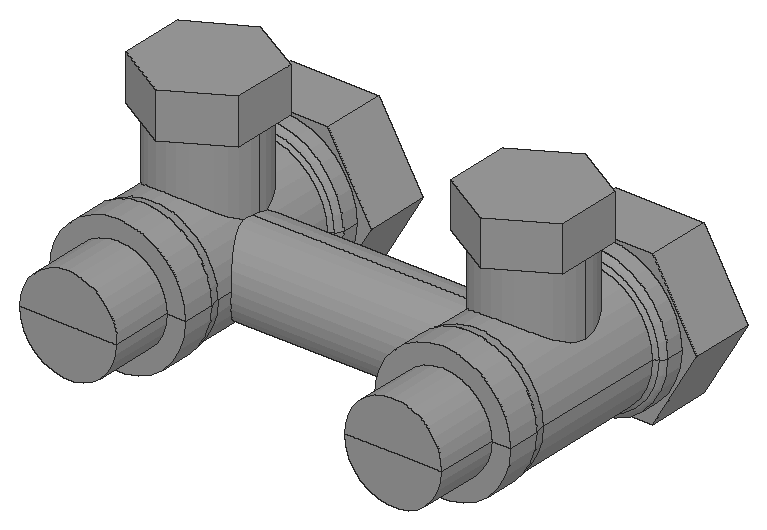
Revit family "BIMLIB_H-образный_клапан_РОСТерм", category Арматура трубопроводов, Revit 2017
Family settings
  Размер круглого соединителя = Использовать диаметр
  Тип детали = Клапан - Вставляется
  На основе рабочей плоскости = Нет
  Всегда вертикально = Нет
  При загрузке вырезать с полостями = Нет
  Общий = Нет
Parameters (values of type "HEIZEN HDD")
  РТ_Перепад давления [instance] = 0.0 Pa
  РТ_Номинальное давление = 10.0 bar  # constant formula
  РТ_L2 = if(and(РТ_DN_1 = 15.00 mm, РТ_DN_2 = 20.00 mm), 25.50 mm, 0.00 mm)  # 25.50 mm
  РТ_L1 = if(and(РТ_DN_1 = 15.00 mm, РТ_DN_2 = 20.00 mm), 25.50 mm, 0.00 mm)  # 25.50 mm
  РТ_L = РТ_L1 + РТ_L2  # 51.00 mm
  РТ_Kvs [instance] = if(and(РТ_DN_1 = 15.00 mm, РТ_DN_2 = 20.00 mm), 1.0 m³/h, 0.0 m³/h)  # 1.0 m³/h
  Метод определения потерь = Не задано
  K Coefficient = 0
  URL = "http://rostherm.ru/"
  Изготовитель = "РОСТерм"  # constant formula
  Model = ""
  Описание = "Клапан Н-образный HDD"
  Assembly Code = ""
  РТ_DN_1 = 15.00 mm  # constant formula
  РТ_DN_2 = 20.00 mm  # constant formula
  BL_Разработано = "support@bimlib.ru"  # constant formula
  BL_Email = "rostherm@bimlib.ru"  # constant formula
  BL_BIM library = "https://bimlib.pro/manufacturer/rosterm/1632/"
  ADSK_Расход жидкости [instance] = 0.0 m³/h
  ADSK_Примечание = ""
  ADSK_Позиция = ""
  ADSK_Обозначение = if(and(РТ_DN_1 = 15.00 mm, РТ_DN_2 = 20.00 mm), "ГОСТ 5761-2005", "-")  # "ГОСТ 5761-2005"
  ADSK_Наименование краткое = if(and(РТ_DN_1 = 15.00 mm, РТ_DN_2 = 20.00 mm), "HDD 345-15", "-")  # "HDD 345-15"
  ADSK_Наименование = if(and(РТ_DN_1 = 15.00 mm, РТ_DN_2 = 20.00 mm), "Н-ОБРАЗНЫЙ КЛАПАН HDD 345-15", "-")  # "Н-ОБРАЗНЫЙ КЛАПАН HDD 345-15"
  ADSK_Материал = BIMLIB_Латунь_РТ
  ADSK_Масса_Текст = ""
  ADSK_Масса = 0
  ADSK_Марка = if(and(РТ_DN_1 = 15.00 mm, РТ_DN_2 = 20.00 mm), "HDD 345-15", "-")  # "HDD 345-15"
  ADSK_Код изделия = if(and(РТ_DN_1 = 15.00 mm, РТ_DN_2 = 20.00 mm), "HDD 345-15", "-")  # "HDD 345-15"
  ADSK_Завод-изготовитель = "Heizen"  # constant formula
  ADSK_Единица измерения = "шт."  # constant formula
  ADSK_Версия Revit = "2017"  # constant formula
  ADSK_URL страницы изделия = "http://rostherm.ru/termostatika/"
  ADSK_URL документации изделия = "http://rostherm.ru/"
Reference planes
  plane 1 "Centro (Fronte/Retro)": y = 0
  plane 2: z = 0
  plane 3 "Centro (Sinistra/Destra)": x = 0
  plane 4: x = -38.902
  plane 5: x = -37.588
  plane 6: x = 11.098
  plane 7: x = 12.412
Forms (mm)
  Revolve 1, solid, material "BIMLIB_Латунь_РТ" <- "ADSK_Материал", detail levels medium+fine
    sketch origin (-2.459, -0.179, 0.136) x (1, 0, 0) y (0, 1, 0)
      loop
        line (-25, -25.321) -> (-25, 17.323) -> (-36.443, 17.323) -> (-36.443, 13.251)
        arc (-36.443, 13.251) -> (-36.112, 12.752) -> (-35.654, 12.367) r 2.092
        arc (-35.654, 12.367) -> (-35.373, 12.084) -> (-35.13, 11.768) r 3.139
        line (-35.13, 11.768) -> (-35.13, -9.232) -> (-35.5, -10.821) -> (-35.5, -15.821) -> (-32.5, -15.821) -> (-32.5, -25.321) -> (-25, -25.321)
      axis (-25, 17.323) -> (-25, -25.321)
    angle from 0 to 360
  Revolve 2, solid, material "BIMLIB_Латунь_РТ" <- "ADSK_Материал", detail levels medium+fine
    sketch origin (47.541, -0.179, 0.136) x (1, 0, 0) y (0, 1, 0)
      loop
        line (-25, -25.321) -> (-25, 17.323) -> (-36.443, 17.323) -> (-36.443, 13.251)
        arc (-36.443, 13.251) -> (-36.112, 12.752) -> (-35.654, 12.367) r 2.092
        arc (-35.654, 12.367) -> (-35.373, 12.084) -> (-35.13, 11.768) r 3.139
        line (-35.13, 11.768) -> (-35.13, -9.232) -> (-35.5, -10.821) -> (-35.5, -15.821) -> (-32.5, -15.821) -> (-32.5, -25.321) -> (-25, -25.321)
      axis (-25, 17.323) -> (-25, -25.321)
    angle from 0 to 360
  Extrusion 3, solid, material "BIMLIB_Латунь_РТ" <- "ADSK_Материал", detail levels medium+fine
    sketch origin (0.041, 1.221, 0.136) x (1, 0, 0) y (0, 1, 0)
      loop
        circle (-27.5, 0) r 8.077
      loop
        circle (22.234, 0.602) r 8.077
    from 0 to 25
  Extrusion 4, solid, material "BIMLIB_Латунь_РТ" <- "ADSK_Материал", detail levels medium+fine
    sketch origin (0.215, -1.179, 0.136) x (1, 0, 0) y (0, 0, -1)
      loop
        line (-34.283, 11.749) -> (-41.067, 0) -> (-34.283, -11.749) -> (-20.717, -11.749) -> (-13.933, 0) -> (-20.717, 11.749) -> (-34.283, 11.749)
      loop
        line (15.717, 11.749) -> (8.933, 0) -> (15.717, -11.749) -> (29.283, -11.749) -> (36.067, 0) -> (29.283, 11.749) -> (15.717, 11.749)
    from 16.823 to 26.679
  Revolve 5, solid, material "BIMLIB_Латунь_РТ" <- "ADSK_Материал", detail levels medium+fine
    sketch origin (0, 0, 0) x (1, 0, 0) y (0, 0, 1)
      loop
        line (-24.959, 0) -> (25.041, 0) -> (25.041, 7) -> (-24.959, 7) -> (-24.959, 0)
      axis (25.041, 0) -> (-24.959, 0)
    angle from 0 to 360
  Extrusion 6, solid, material "BIMLIB_Латунь_РТ" <- "ADSK_Материал", detail levels medium+fine
    sketch origin (-2.5, 1.4, 0) x (1, 0, 0) y (0, 1, 0)
      loop
        line (-25, 10) -> (-33.66, 5) -> (-33.66, -5) -> (-25, -10) -> (-16.34, -5) -> (-16.34, 5) -> (-25, 10)
    from 18.178 to 25.136
  Extrusion 7, solid, material "BIMLIB_Латунь_РТ" <- "ADSK_Материал", detail levels medium+fine
    sketch origin (47.5, 1.4, 0) x (1, 0, 0) y (0, 1, 0)
      loop
        line (-25, 10) -> (-33.66, 5) -> (-33.66, -5) -> (-25, -10) -> (-16.34, -5) -> (-16.34, 5) -> (-25, 10)
    from 18.178 to 25.136
Cuts and joins
  joined: Revolve 1, Revolve 2, Extrusion 3, Extrusion 4, Revolve 5, Extrusion 6, Extrusion 7
Dimensions and locks
  "РТ_L2": plane 1 "Centro (Fronte/Retro)" to Extrusion 4
  aligned and locked: level to plane 2
  aligned and locked: plane 4 to Revolve 1 sketch curve
  aligned and locked: plane 5 to Revolve 1 sketch curve
  aligned and locked: plane 6 to Revolve 2 sketch curve
  aligned and locked: plane 7 to Revolve 2 sketch curve
  aligned and locked: Revolve 5 sketch curve to level
  aligned and locked: plane 2 to Revolve 5 sketch curve
  aligned and locked: Extrusion 3 to Extrusion 6
Automatic sketch dimensions
  Extrusion 3 sketch curve to plane 1 "Centro (Fronte/Retro)" = 1.221 mm
  Extrusion 3 sketch curve to plane 3 "Centro (Sinistra/Destra)" = 27.459 mm
  Extrusion 3 sketch curve to plane 1 "Centro (Fronte/Retro)" = 1.822 mm
  plane 3 "Centro (Sinistra/Destra)" to Extrusion 3 sketch curve = 22.275 mm
  level to Extrusion 4 sketch curve = 0.136 mm  (x4)
  Extrusion 4 sketch curve to plane 3 "Centro (Sinistra/Destra)" = 40.852 mm
  Extrusion 4 sketch curve to level = 11.613 mm  (x2)
  Extrusion 4 sketch curve to Extrusion 4 sketch curve = 6.783 mm  (x5)
  level to Extrusion 4 sketch curve = 11.885 mm  (x2)
  Extrusion 4 sketch curve to Extrusion 4 sketch curve = 13.567 mm  (x4)
  Extrusion 4 sketch curve to plane 3 "Centro (Sinistra/Destra)" = 13.719 mm
  plane 3 "Centro (Sinistra/Destra)" to Extrusion 4 sketch curve = 9.148 mm
  Revolve 5 sketch curve to plane 3 "Centro (Sinistra/Destra)" = 24.959 mm
  plane 3 "Centro (Sinistra/Destra)" to Revolve 5 sketch curve = 25.041 mm
  Revolve 5 sketch curve to Revolve 5 sketch curve = 7.00 mm
  Revolve 5 sketch curve to Revolve 5 sketch curve = 5.481 mm
  Revolve 5 sketch curve to Revolve 5 sketch curve = 5.738 mm
  Extrusion 6 sketch curve to plane 1 "Centro (Fronte/Retro)" = 6.40 mm  (x2)
  Extrusion 6 sketch curve to plane 3 "Centro (Sinistra/Destra)" = 36.16 mm
  Extrusion 6 sketch curve to plane 1 "Centro (Fronte/Retro)" = 11.40 mm
  Extrusion 6 sketch curve to Extrusion 6 sketch curve = 8.66 mm  (x3)
  plane 1 "Centro (Fronte/Retro)" to Extrusion 6 sketch curve = 8.60 mm
  plane 1 "Centro (Fronte/Retro)" to Extrusion 6 sketch curve = 3.60 mm  (x2)
  Extrusion 7 sketch curve to plane 1 "Centro (Fronte/Retro)" = 6.40 mm  (x2)
  plane 3 "Centro (Sinistra/Destra)" to Extrusion 7 sketch curve = 13.84 mm
  Extrusion 7 sketch curve to plane 1 "Centro (Fronte/Retro)" = 11.40 mm
  Extrusion 7 sketch curve to Extrusion 7 sketch curve = 8.66 mm  (x3)
  plane 1 "Centro (Fronte/Retro)" to Extrusion 7 sketch curve = 8.60 mm
  plane 1 "Centro (Fronte/Retro)" to Extrusion 7 sketch curve = 3.60 mm  (x2)
  Revolve 2 sketch curve to plane 6 = 1.293 mm
  Revolve 2 sketch curve to plane 7 = 0.37 mm
  plane 7 to Revolve 2 sketch curve = 0.578 mm
  plane 7 to Revolve 2 sketch curve = 2.63 mm
  Revolve 2 sketch curve to Revolve 2 sketch curve = 9.552 mm
  Revolve 2 sketch curve to plane 1 "Centro (Fronte/Retro)" = 9.839 mm
  Revolve 2 sketch curve to Revolve 2 sketch curve = 1.749 mm
  Revolve 2 sketch curve to Revolve 2 sketch curve = 1.484 mm
  Revolve 2 sketch curve to Revolve 2 sketch curve = 0.894 mm
  Revolve 2 sketch curve to Revolve 2 sketch curve = 0.00 mm
  Revolve 2 sketch curve to Revolve 2 sketch curve = 1.588 mm
  Revolve 1 sketch curve to plane 4 = 1.293 mm
  Revolve 1 sketch curve to plane 5 = 0.37 mm
  plane 5 to Revolve 1 sketch curve = 0.578 mm
  plane 5 to Revolve 1 sketch curve = 2.63 mm
  Revolve 1 sketch curve to Revolve 1 sketch curve = 9.552 mm
  Revolve 1 sketch curve to plane 1 "Centro (Fronte/Retro)" = 9.839 mm
  Revolve 1 sketch curve to Revolve 1 sketch curve = 1.749 mm
  Revolve 1 sketch curve to Revolve 1 sketch curve = 1.484 mm
  Revolve 1 sketch curve to Revolve 1 sketch curve = 0.894 mm
  Revolve 1 sketch curve to Revolve 1 sketch curve = 0.00 mm
  Revolve 1 sketch curve to Revolve 1 sketch curve = 5.00 mm
  Revolve 1 sketch curve to Revolve 1 sketch curve = 1.588 mm
  Revolve 2 sketch curve to Revolve 2 sketch curve = 5.00 mm
  plane 1 "Centro (Fronte/Retro)" to Revolve 1 sketch curve = 9.412 mm
  Revolve 1 sketch curve to Revolve 1 sketch curve = 9.50 mm
  Revolve 1 sketch curve to Revolve 1 sketch curve = 3.423 mm
  plane 1 "Centro (Fronte/Retro)" to Revolve 2 sketch curve = 9.412 mm
  Revolve 2 sketch curve to Revolve 2 sketch curve = 9.50 mm
  Revolve 2 sketch curve to Revolve 2 sketch curve = 3.423 mm
  Revolve 1 sketch curve to Revolve 1 sketch curve = 3.178 mm
  Revolve 1 sketch curve to Revolve 1 sketch curve = 6.538 mm
  Revolve 2 sketch curve to Revolve 2 sketch curve = 3.178 mm
  Revolve 2 sketch curve to Revolve 2 sketch curve = 6.538 mm
  radius of Extrusion 3 sketch curve = 8.077 mm  (x2)
Nested families
  nested 1: "УГО_Фронт" at (27.5, 0, 0.136) x (0, -1, 0) z (0, 0, 1), Длина <- "РТ_L", type "УГО_Фронт", detail levels coarse
    with Длина 51.00 mm
  nested 2: "УГО_Фронт" at (-27.283, 0, 0.136) x (0, -1, 0) z (0, 0, 1), Длина <- "РТ_L", type "УГО_Фронт", detail levels coarse
    with Длина 51.00 mm
  nested 3: "УГО" at (27.656, 0, 0) x (0, -1, 0) z (0, 0, 1), Длина <- "РТ_L", type "УГО", detail levels coarse
    with Длина 51.00 mm
  nested 4: "УГО" at (-27.305, 0, 0) x (0, -1, 0) z (0, 0, 1), Длина <- "РТ_L", type "УГО", detail levels coarse
    with Длина 51.00 mm
Connectors
  piping at (22.715, 25.5, 0.136), diameter 20, driven by "ADSK_Расход жидкости", driven by "РТ_DN_2"
    settings: on Extrusion 4, index 1, connector inside diameter 609.6 mm, connector length 0.00 mm, flow factor 0, pipe flow 0.0 m³/h, pressure drop 0.0 Pa, fitting loss kfactor 0, connector angle 0.00°, fixture units 0, engagement length 0.00 mm, angle of deflection 0.00°, flow configuration 0, flow direction 2, fitting loss method 0, system type 29, joint type 0, gender type 0, connector reference index 4, connector utility 0, adjustable connector no, is connector primary yes, connector description ""
  piping at (-27.285, 25.5, 0.136), diameter 20, driven by "ADSK_Расход жидкости", driven by "РТ_DN_2"
    settings: on Extrusion 4, index 2, connector inside diameter 609.6 mm, connector length 0.00 mm, flow factor 0, pipe flow 0.0 m³/h, pressure drop 0.0 Pa, fitting loss kfactor 0, connector angle 0.00°, fixture units 0, engagement length 0.00 mm, angle of deflection 0.00°, flow configuration 0, flow direction 2, fitting loss method 0, system type 29, joint type 0, gender type 0, connector reference index 3, connector utility 0, adjustable connector no, is connector primary no, connector description ""
  piping at (-27.459, -25.5, 0.136), diameter 15, driven by "ADSK_Расход жидкости", driven by "РТ_DN_1"
    settings: on Revolve 1, index 3, connector inside diameter 609.6 mm, connector length 0.00 mm, flow factor 0, pipe flow 0.0 m³/h, pressure drop 0.0 Pa, fitting loss kfactor 0, connector angle 0.00°, fixture units 0, engagement length 0.00 mm, angle of deflection 0.00°, flow configuration 0, flow direction 1, fitting loss method 0, system type 29, joint type 0, gender type 0, connector reference index 2, connector utility 0, adjustable connector no, is connector primary no, connector description ""
  piping at (22.541, -25.5, 0.136), diameter 15, driven by "ADSK_Расход жидкости", driven by "РТ_DN_1"
    settings: on Revolve 2, index 4, connector inside diameter 609.6 mm, connector length 0.00 mm, flow factor 0, pipe flow 0.0 m³/h, pressure drop 0.0 Pa, fitting loss kfactor 0, connector angle 0.00°, fixture units 0, engagement length 0.00 mm, angle of deflection 0.00°, flow configuration 0, flow direction 1, fitting loss method 0, system type 29, joint type 0, gender type 0, connector reference index 1, connector utility 0, adjustable connector no, is connector primary no, connector description ""
Definition of nested family "УГО_Фронт"
  Parameters (values of type "УГО_Фронт")
    Loss Method = (empty or 0)
    Длина [instance] = 100.00 mm
  Reference planes
    plane 1 "Centro (Fronte/Retro)": y = 0
    plane 2: z = 0
    plane 3 "Centro (Sinistra/Destra)": x = 0
    plane 4: through (4267.2, 0, 0) normal (0, -0.7071, 0.7071)
    plane 5: x = 50
    plane 6: x = -50
  Lines and regions (mm)
    model lines, detail levels coarse
      curve 1: line (50, 0, -30) -> (50, 0, 30)
      curve 2: line (-50, 0, -30) -> (-50, 0, 30)
      curve 3: line (50, 0, 30) -> (-50, 0, -30)
      curve 4: line (-50, 0, 30) -> (50, 0, -30)
  Dimensions and locks
    equal spacing: plane 5, plane 3 "Centro (Sinistra/Destra)", plane 6
    "Длина": plane 5 to plane 6
    aligned and locked: level to plane 2
  Automatic sketch dimensions
    curve 3 to plane 6 = 0.00 mm
    curve 3 to plane 5 = 0.00 mm
    level to curve 1 = 30.00 mm
    curve 3 to level = 30.00 mm
    curve 4 to level = 30.00 mm
    level to curve 2 = 30.00 mm
Definition of nested family "УГО"
  Parameters (values of type "УГО")
    Loss Method = (empty or 0)
    Длина [instance] = 100.00 mm
  Reference planes
    plane 1 "Centro (Fronte/Retro)": y = 0
    plane 2: z = 0
    plane 3 "Centro (Sinistra/Destra)": x = 0
    plane 4: through (4267.2, 0, 0) normal (0, -0.7071, 0.7071)
    plane 5: x = 50
    plane 6: x = -50
  Lines and regions (mm)
    symbolic lines
      curve 1: line (-50, -20, 0) -> (50, 20, 0)
      curve 2: line (50, -20, 0) -> (-50, 20, 0)
      curve 3: line (50, 20, 0) -> (50, -20, 0)
      curve 4: line (-50, 20, 0) -> (-50, -20, 0)
  Dimensions and locks
    equal spacing: plane 5, plane 3 "Centro (Sinistra/Destra)", plane 6
    "Длина": plane 5 to plane 6
    aligned and locked: level to plane 2
    aligned and locked: curve 3 to plane 5
    aligned and locked: curve 4 to plane 6
  Automatic sketch dimensions
    plane 1 "Centro (Fronte/Retro)" to curve 4 = 20.00 mm
    curve 3 to plane 1 "Centro (Fronte/Retro)" = 20.00 mm
    curve 4 to plane 1 "Centro (Fronte/Retro)" = 20.00 mm
    plane 1 "Centro (Fronte/Retro)" to curve 2 = 20.00 mm
